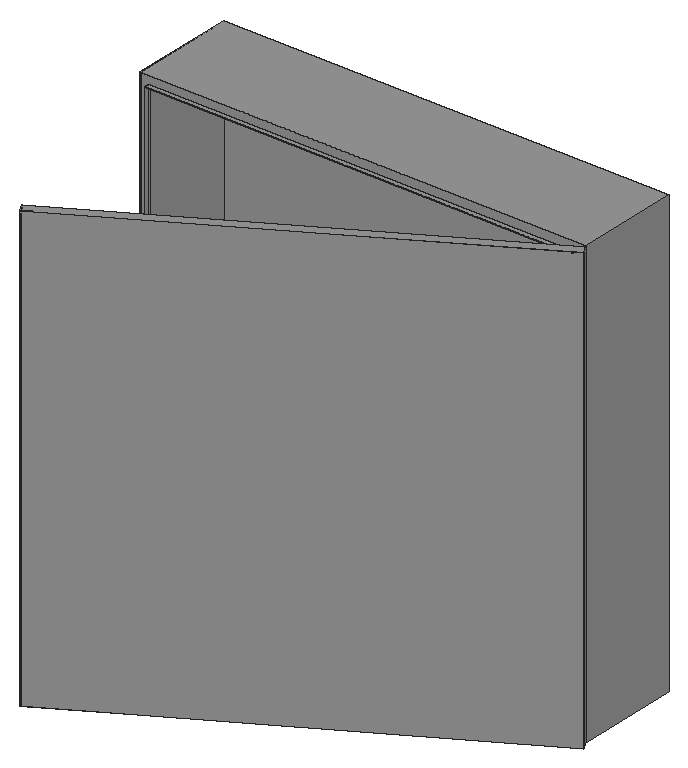
Revit family "Hager-Univers-IP54-D205-H800-Cl.II-Encl-NoHosted-CH-de", category Equipement électrique, Revit 2020
Family settings
  Configuration du panneau = Deux colonnes, circuits au sein
  Cote de connecteur circulaire = Utiliser le diamètre
  Type d'élément = Tableau de raccordement
  Basée sur le plan de construction = Oui
  Toujours verticalement = Oui
  Couper avec des vides une fois chargée = Non
  Partagée = Non
  Point de calcul de pièce = Non
Parameters (values of type "Aufputz IP54 B800 H800 T205  - FP53QSW")
  Width Control [instance] = if([EF000008 - Breite] > Min Width, [EF000008 - Breite], Min Width)  # 800 mm
  Commentaires du type = [HG000003 - Bereich]  # "Univers"
  Thickness Door [instance] = if([EF009171 - Materialstärke Tür/Deckel] > 3 mm, 3 mm, [EF009171 - Materialstärke Tür/Deckel])  # 1 mm
  Seal Frame Offset [instance] = 17 mm  # constant formula
  Plinth Visibility [instance] = [HG000027 - Sockelhöhe] > 0 mm  # no
  Min Width [instance] = 100 mm  # constant formula
  Min Depth [instance] = (2 * [EF009170 - Materialstärke Gehäuse]) + 1 mm  # 3 mm
  Min Height [instance] = 100 mm  # constant formula
  Internal Frame Depth [instance] = (Door System Depth * 0.5)  # 9 mm
  Panel Name [instance] = ""  # (empty or 0)
  Model = ""
  HG000027 - Sockelhöhe = 0 mm
  HG000026 - Stehend auf dem Boden = no
  HG000024 - Höhe des unteren Teils = 600 mm
  HG000023 - Gehäuse mit doppeltem Querschnitt = no
  HG000016 - 3D-Türsichtbarkeit [instance] = yes
  HG000015 - Sichtbarkeit der Türöffnung [instance] = no
  HG000014 - Tür rechts [instance] = yes
  HG000013 - Tür links [instance] = not([HG000014 - Tür rechts])  # no
  HG000012 - Türschwenkwinkel [instance] = 30.00°
  HG000010 - Asymmetrische Türen = no
  HG000009 - Doppelflügeligen Tür = no
  HG000006 - Unterputz = no
  HG000004 - Herstellerreferenz = "FP53QSW"
  HG000003 - Bereich = "Univers"
  HG000002 - Mit tür = yes
  Frame Offset Bottom [instance] = 10 mm  # constant formula
  Frame Offset [instance] = 15 mm  # constant formula
  EF015940 - Deckel mit Überdruckentlastung = no
  EF011959 - Schutzart (NEMA) = ""
  EF009554 - Anzahl der Öffnungen für Flanschplatten = 6
  EF009212 - Ausführung Deckel = "EV000116 - geschlossen"
  EF009171 - Materialstärke Tür/Deckel = 1 mm
  EF009170 - Materialstärke Gehäuse = 1 mm
  EF008873 - Nennstrom (In) = 250 A
  EF007800 - Geeignet für Blitzschutz = no
  EF006306 - Mit Schloss = no
  EF006244 - Transparenter Deckel/Tür = no
  EF005474 - Schutzart (IP) = "EV006419 - IP54"
  EF004464 - Art der Tür = "EV002646 - Einzel"
  EF004427 - Anzahl der Module = 180
  EF004293 - Schlagfestigkeit = "EV006815 - IK09"
  EF003532 - Geeignet für Außengebrauch = no
  EF002950 - Breite in Teilungseinheiten = 36
  EF001613 - Funktionserhalt = "EV000494 - ohne"
  EF001596 - Werkstoff des Gehäuses = "EV000179 - Stahl"
  EF001131 - Innentiefe = 143 mm
  EF001088 - Anbaumöglichkeit = yes
  EF000437 - Anzahl der Leitungseinführungen = 6
  EF000339 - Art der Abdeckung = "EV001012 - Deckel"
  EF000266 - Anzahl der Reihen = 5
  EF000218 - Einbautiefe = 0 mm
  EF000118 - Mit Montageplatte = no
  EF000116 - RAL-Nummer = "9010"
  EF000049 - Tiefe = 205 mm
  EF000040 - Höhe = 800 mm
  EF000008 - Breite = 800 mm
  EF000007 - Farbe = "EV000202 - weiß"
  EF000003 - Montageart = "EV000384 - Aufputz"
  Door System Leaf Tolerance [instance] = 1.5 mm  # constant formula
  Door System Depth [instance] = 18 mm  # constant formula
  Door Height [instance] = Height Control - [HG000027 - Sockelhöhe]  # 800 mm
  Description = ""
  Default Elevation = 1219.2 mm
  Connector Offset [instance] = Height Control / 2  # 400 mm
  Fabricant = "Hager"  # constant formula
  Height Control [instance] = if([EF000040 - Höhe] > Min Height, [EF000040 - Höhe], Min Height)  # 800 mm
  Depth Control [instance] = if([EF000049 - Tiefe] > Min Depth, [EF000049 - Tiefe], Min Depth)  # 205 mm
  Bottom Top Plate Trim [instance] = 1.5 mm  # constant formula
  Plinth height Ctrl [instance] = if([HG000027 - Sockelhöhe] > 0 mm, [HG000027 - Sockelhöhe], 12 mm)  # 12 mm
Types (4, lengths in mm): name | Width Control | HG000004 - Herstellerreferenz | EF009554 - Anzahl der Öffnungen für Flanschplatten | EF004464 - Art der Tür | EF004427 - Anzahl der Module | EF002950 - Breite in Teilungseinheiten | EF001131 - Innentiefe | EF000437 - Anzahl der Leitungseinführungen | EF000339 - Art der Abdeckung | EF000008 - Breite
  Aufputz IP54 B1050 H800 T205  - FP54QSW | 1050 | "FP54QSW" | 8 | "EV003602 - Doppel" | 240 | 48 | 130 | 8 | "EV004216 - Tür" | 1050
  Aufputz IP54 B300 H800 T205  - FP51QSW | 300 | "FP51QSW" | 2 | "EV002646 - Einzel" | 60 | 12 | 130 | 2 | "EV001012 - Deckel" | 300
  Aufputz IP54 B550 H800 T205  - FP52QSW | 550 | "FP52QSW" | 4 | "EV002646 - Einzel" | 120 | 24 | 143 | 4 | "EV001012 - Deckel" | 550
  Aufputz IP54 B800 H800 T205  - FP53QSW | 800 | "FP53QSW" | 6 | "EV002646 - Einzel" | 180 | 36 | 143 | 6 | "EV001012 - Deckel" | 800
Reference planes
  plane 1 "Center (Front/Back)": y = 0
  plane 2: z = 0
  plane 3 "Center (Left/Right)": x = 0
  plane 4: y = 0
  plane 5: y = 0
  plane 6: z = 0
  plane 7: x = -400
  plane 8: x = 400
  plane 9: x = 399
  plane 10: x = -399
  plane 11: z = 0
  plane 12: z = 1
  plane 13: y = -205
  plane 14: y = -1
  plane 15: x = 0
  plane 16: y = -187
  plane 17: y = -204
  plane 18: y = -186
  plane 19: x = -384
  plane 20: x = 384
  plane 21: z = 11
  plane 22: x = -383
  plane 23: x = 383
  plane 24: z = 0
  plane 25: z = 800
  plane 26: z = 800
  plane 27: z = 784
  plane 28: z = 799
Forms (mm)
  Extrusion 1, solid, material "Hager_Steel_RAL7035_Light_Grey", detail levels medium+fine
    sketch origin (-208.679, -4572, 0) x (-1, 0, 0) y (0, -1, 0)
      loop
        line (191.321, -4385) -> (-608.679, -4385) -> (-608.679, -4572) -> (191.321, -4572) -> (191.321, -4385)
    from 0 to 800
  Extrusion 2, void
    sketch origin (-350.771, -205, 1219.2) x (1, 0, 0) y (0, 0, 1)
      loop
        line (-48.229, -420.2) -> (-48.229, -1218.2) -> (749.771, -1218.2) -> (749.771, -420.2) -> (-48.229, -420.2)
    from -19 to -204
  Extrusion 3, void
    sketch origin (-290.084, -187, 1219.2) x (1, 0, 0) y (0, 0, 1)
      loop
        line (-93.916, -1208.2) -> (674.084, -1208.2) -> (674.084, -435.2) -> (-93.916, -435.2) -> (-93.916, -1208.2)
    from 0 to -1
  Extrusion 4, solid, material "Hager_Steel_RAL7035_Light_Grey", visible <- "Plinth Visibility", detail levels medium+fine
    sketch origin (0, 0, 0) x (1, 0, 0) y (0, 1, 0)
      loop
        line (-400, 0) -> (-400, -187) -> (400, -187) -> (400, 0) -> (-400, 0)
    from 0 to 12 <- "Plinth height Ctrl"
  Extrusion 5, solid, material "Hager_Steel_RAL7035_Light_Grey", detail levels coarse
    sketch origin (0, 0, 0) x (1, 0, 0) y (0, 1, 0)
      loop
        line (-400, 0) -> (-400, -205) -> (400, -205) -> (400, 0) -> (-400, 0)
    from 0 to 800 <- "Height Control"
  Sweep 6, void
    path in 3D
      loop
        line (-400, -187, 12) -> (400, -187, 12) -> (400, 0, 12) -> (-400, 0, 12) -> (-400, -187, 12)
    profile origin (-400, -93.5, 12) x (1, 0, 0) y (0, 0, 1)
      loop
        line (0, 0) -> (0, -1.5) -> (1.5, -1.5)
        arc (1.5, -1.5) -> (1.061, -0.439) -> (0, 0) r 1.5
  Extrusion 7, solid, material "Hager_Steel_RAL7035_Light_Grey", detail levels fine
    sketch origin (-400, -187, 0) x (1, 0, 0) y (0, 0, 1)
      loop
        line (16, 11) -> (784, 11) -> (784, 784) -> (16, 784) -> (16, 11)
      loop
        line (15, 10) -> (785, 10) -> (785, 785) -> (15, 785) -> (15, 10)
    from 0 to 9 <- "Internal Frame Depth"
Cuts and joins
  Extrusion 2, Extrusion 3 cuts Extrusion 1
  Sweep 6 cuts Extrusion 4
Lines and regions (mm)
  Masking region 1
    outline origin (0, 0, 0) x (1, 0, 0) y (0, 1, 0)
      loop
        line (-400, 0) -> (-400, -205) -> (400, -205) -> (400, 0) -> (-400, 0)
  Masking region 2, detail levels coarse
    outline origin (-290.084, -187, 1219.2) x (-1, 0, 0) y (0, 0, 1)
      loop
        line (-690.084, -1219.2) -> (109.916, -1219.2) -> (109.916, -419.2) -> (-690.084, -419.2) -> (-690.084, -1219.2)
  Masking region 3, detail levels coarse
    outline origin (0, 0, 0) x (0, 1, 0) y (0, 0, 1)
      loop
        line (0, 0) -> (0, 800) -> (-205, 800) -> (-205, 0) -> (0, 0)
  Masking region 4, visible <- "Plinth Visibility", detail levels medium+fine
    outline origin (0, 0, 0) x (0, 1, 0) y (0, 0, 1)
      loop
        line (-1.5, 12) -> (-185.5, 12)
        arc (-185.5, 12) -> (-185.939, 10.939) -> (-187, 10.5) r 1.5
        line (-187, 10.5) -> (-187, 0) -> (0, 0) -> (0, 10.5)
        arc (0, 10.5) -> (-1.061, 10.939) -> (-1.5, 12) r 1.5
  Masking region 5, detail levels medium+fine
    outline origin (0, 0, 594.038) x (0, 1, 0) y (0, 0, 1)
      loop
        line (0, -594.038) -> (0, 205.962) -> (-187, 205.962) -> (-187, -594.038) -> (0, -594.038)
  Masking region 6, detail levels medium+fine
    outline origin (-359.7, -187, 1211.883) x (-1, 0, 0) y (0, 0, 1)
      loop
        line (-759.7, -1211.883) -> (40.3, -1211.883) -> (40.3, -411.883) -> (-759.7, -411.883) -> (-759.7, -1211.883)
  Masking region 7, visible <- "Plinth Visibility", detail levels medium+fine
    outline origin (-320.334, -187, 1041.368) x (-1, 0, 0) y (0, 0, 1)
      loop
        line (-720.334, -1041.368) -> (79.666, -1041.368) -> (79.666, -1030.868)
        arc (79.666, -1030.868) -> (78.606, -1030.429) -> (78.166, -1029.368) r 1.5
        line (78.166, -1029.368) -> (-718.834, -1029.368)
        arc (-718.834, -1029.368) -> (-719.273, -1030.429) -> (-720.334, -1030.868) r 1.5
        line (-720.334, -1030.868) -> (-720.334, -1041.368)
  sketch lines
    curve 1: line (-400, 0, 12) -> (-400, -187, 12)
    curve 2: line (-400, -187, 12) -> (400, -187, 12)
    curve 3: line (400, 0, 12) -> (-400, 0, 12)
    curve 4: line (400, -187, 12) -> (400, 0, 12)
Dimensions and locks
  locked: plane 1 "Center (Front/Back)" to plane 5
  "EF009170 - Materialstärke Gehäuse": plane 7 to plane 10
  "EF009170 - Materialstärke Gehäuse": plane 8 to plane 9
  equal spacing: plane 7, plane 3 "Center (Left/Right)", plane 8
  "Width Control": plane 7 to plane 8
  "Depth Control": plane 4 to plane 13
  "EF009170 - Materialstärke Gehäuse": plane 4 to plane 14
  "Height Control": plane 25 to level
  "HG000027 - Sockelhöhe": plane 11 to level
  "EF009170 - Materialstärke Gehäuse": plane 12 to plane 11
  "EF009170 - Materialstärke Gehäuse": plane 17 to plane 13
  "EF009170 - Materialstärke Gehäuse": plane 18 to plane 16
  "Frame Offset Bottom": plane 21 to plane 12
  "Frame Offset": plane 10 to plane 19
  "Frame Offset": plane 9 to plane 20
  "Door System Depth": plane 16 to plane 13
  "Seal Frame Offset": plane 7 to plane 22
  "Seal Frame Offset": plane 8 to plane 23
  "EF009170 - Materialstärke Gehäuse": plane 26 to plane 28
  "Frame Offset": plane 28 to plane 27
  "Connector Offset": plane 2 to connector elem
  "Bottom Top Plate Trim": profile plane to Sweep 6 sketch curve
  "Bottom Top Plate Trim": Sweep 6 sketch curve to Sweep 6 sketch curve
  "Plinth height Ctrl": Masking region 4 sketch curve to level
  "Plinth height Ctrl": Masking region 7 sketch curve to level
  "Thickness Door": Extrusion 7 sketch curve to Extrusion 7 sketch curve  (x4)
  "Bottom Top Plate Trim": radius of Sweep 6 sketch curve
  "Bottom Top Plate Trim": radius of Masking region 4 sketch curve  (x2)
  "Bottom Top Plate Trim": radius of Masking region 7 sketch curve  (x2)
  aligned and locked: Extrusion 2 sketch curve to plane 12
  aligned and locked: Extrusion 2 sketch curve to plane 9
  aligned and locked: Extrusion 2 sketch curve to plane 10
  aligned and locked: Extrusion 2 to plane 14
  aligned and locked: Extrusion 1 sketch curve to plane 4
  aligned and locked: plane 8 to Extrusion 1 sketch curve
  aligned and locked: plane 7 to Extrusion 1 sketch curve
  aligned and locked: Extrusion 2 to plane 18
  aligned and locked: Extrusion 3 sketch curve to plane 19
  aligned and locked: plane 20 to Extrusion 3 sketch curve
  aligned and locked: Extrusion 3 to Extrusion 2
  aligned and locked: Extrusion 3 sketch curve to plane 21
  aligned and locked: plane 3 "Center (Left/Right)" to nested 1
  aligned and locked: Extrusion 1 sketch curve to plane 16
  aligned and locked: Extrusion 4 sketch curve to cut or joined group of Extrusion 1, Extrusion 2, Extrusion 3
  aligned and locked: Masking region 1 sketch curve to plane 7
  aligned and locked: Masking region 1 sketch curve to plane 5
  aligned and locked: Masking region 1 sketch curve to plane 8
  aligned and locked: Masking region 2 sketch curve to level
  aligned and locked: level to Masking region 3 sketch curve
  aligned and locked: plane 1 "Center (Front/Back)" to Masking region 3 sketch curve
  aligned and locked: plane 13 to Masking region 3 sketch curve
  aligned and locked: plane 5 to Masking region 4 sketch curve
  aligned and locked: Masking region 2 sketch curve to plane 8
  aligned and locked: Masking region 2 sketch curve to plane 7
  aligned and locked: plane 7 to nested 2
  aligned and locked: nested 2 to plane 5
  aligned and locked: plane 5 to Masking region 5 sketch curve
  aligned and locked: plane 26 to Masking region 5 sketch curve
  aligned and locked: Extrusion 5 sketch curve to plane 8
  aligned and locked: Extrusion 5 sketch curve to plane 7
  aligned and locked: Extrusion 5 sketch curve to plane 5
  aligned and locked: Extrusion 3 sketch curve to plane 27
  aligned and locked: Extrusion 2 sketch curve to plane 28
  aligned and locked: Masking region 2 to plane 25
  aligned and locked: Extrusion 4 to plane 16
  aligned and locked: profile plane to Sweep 6 sketch curve
  aligned and locked: Masking region 5 sketch curve to plane 24
  aligned and locked: level to Masking region 4 sketch curve
  aligned and locked: Masking region 1 to plane 13
  aligned and locked: nested 1 to plane 16
  aligned and locked: Masking region 3 to plane 25
  aligned and locked: plane 16 to Masking region 4 sketch curve
  aligned and locked: Masking region 5 sketch curve to plane 16
  aligned and locked: plane 24 to plane 11
  aligned and locked: plane 26 to plane 25
  aligned and locked: plane 26 to cut or joined group of Extrusion 1, Extrusion 2, Extrusion 3
  aligned and locked: nested 1 to plane 24
  aligned and locked: Extrusion 1 to Extrusion 3
  aligned and locked: Masking region 6 sketch curve to plane 8
  aligned and locked: Masking region 6 sketch curve to plane 24
  aligned and locked: Masking region 6 sketch curve to plane 7
  aligned and locked: Masking region 6 sketch curve to plane 26
  aligned and locked: Masking region 7 sketch curve to plane 7
  aligned and locked: level to Masking region 7 sketch curve
  aligned and locked: Masking region 7 sketch curve to plane 8
  aligned and locked: Extrusion 7 sketch curve to cut or joined group of Extrusion 1, Extrusion 2, Extrusion 3  (x4)
Automatic sketch dimensions
  plane 19 to Extrusion 3 sketch curve = 0 mm
  Extrusion 3 sketch curve to plane 20 = 0 mm
  Extrusion 3 sketch curve to plane 21 = 0 mm
  Extrusion 4 sketch curve to plane 7 = 0 mm
  Extrusion 4 sketch curve to plane 8 = 0 mm
  Extrusion 4 sketch curve to plane 16 = 0 mm
  Masking region 1 sketch curve to plane 13 = 0 mm
  Masking region 2 sketch curve to plane 25 = 0 mm
  Masking region 3 sketch curve to plane 25 = 0 mm
  Extrusion 5 sketch curve to plane 13 = 0 mm
  profile plane to Sweep 6 sketch curve = 0 mm
Nested families
  nested 1: "EC000058_Univers_Door" at (0, -187, 0), Double <- "HG000009 - Doppelflügeligen Tür", Transparent <- "EF006244 - Transparenter Deckel/Tür", Angle <- "HG000012 - Türschwenkwinkel", Door_Right <- "HG000014 - Tür rechts", Assymetrical <- "HG000010 - Asymmetrische Türen", Door <- "HG000002 - Mit tür", Width_Ctrl <- "Width Control", 3d_Door <- "HG000016 - 3D-Türsichtbarkeit", Clearance <- "HG000015 - Sichtbarkeit der Türöffnung", Door_Left <- "HG000013 - Tür links", Width <- "Width Control", Door_Depth <- "Door System Depth", Leaf_Tolerance <- "Door System Leaf Tolerance", Height <- "Door Height", Lock_Visibility <- "EF006306 - Mit Schloss", Thickness <- "Thickness Door", type "EC000058_Univers_Door", detail levels medium+fine
    with min_wh 3 mm, Width_Ctrl 800 mm, Width 800 mm, Transparent no, Thickness 1 mm, Seal_Material Hager_Rubber, Lock_Visibility no, Lock_Material Hager_Plastic_RAL9005_Jet_Black, Leaf_Width 800 mm, Leaf_Tolerance_External_Sides 0 mm, Leaf_Tolerance 1.5 mm, Leaf_Offset 0 mm, Leaf_Height 797 mm, Leaf_2_Width 800 mm, Leaf_2_Offset 400 mm, Leaf_1_Width 800 mm, Leaf_1_Offset 400 mm, Height_Ctrl 800 mm, Height 800 mm, Glass_Material Hager_Glass, Double_Clearance_Ctrl no, Double no, Door_Right_Ctrl yes, Door_Right yes, Door_Material Hager_Steel_RAL7035_Light_Grey, Door_Left_Ctrl no, Door_Left no, Door_Depth 18 mm, Door yes, Clearance_Material Hager_Clearance, Clearance_Depth 800 mm, Clearance_Ctrl no, Clearance no, Assymetrical no, Angle 30.00°, 3d_Door yes
  nested 2: "Hager_Enclosure_Symbol" at (-400, 0, 0), Height <- "Depth Control", Width <- "Width Control", type "Hager_Enclosure_Symbol"
    with Width_Ctrl 800 mm, Width 800 mm, Height_Ctrl 205 mm, Height 205 mm, A_Width_Int 13.453 mm, A_Width 161.438 mm, A_Height_Ctrl 179.375 mm, A_Height 179.375 mm
Connectors
  electrical at (0, 0, 400)
    settings: on plane 1 "Center (Front/Back)", index 1, voltage 0 V, apparent load 0 VA, apparent load phase1 0 VA, apparent load phase2 0 VA, apparent load phase3 0 VA, power factor 1, load classification "Other", number of poles 1, system type 30, power factor state 1, is connector primary yes, connector utility no, sub classification motor no, connector description ""
Definition of nested family "EC000058_Univers_Door"
  Parameters (values of type "EC000058_Univers_Door")
    min_wh [instance] = (2 * Thickness) + 1 mm  # 11 mm
    Width_Ctrl [instance] = 400 mm
    Width [instance] = 500 mm
    Transparent [instance] = yes
    Thickness [instance] = 5 mm
    Seal_Material [instance] = none
    Lock_Visibility [instance] = yes
    Lock_Material [instance] = none
    Leaf_Width [instance] = if((Width_Ctrl - 2 * Leaf_Tolerance_External_Sides) > 0 mm, (Width_Ctrl - 2 * Leaf_Tolerance_External_Sides), min_wh)  # 400 mm
    Leaf_Tolerance_External_Sides [instance] = 0 mm  # constant formula
    Leaf_Tolerance [instance] = 1.5 mm
    Leaf_Offset [instance] = 0 mm  # constant formula
    Leaf_Height [instance] = if((Height_Ctrl - 2 * Leaf_Tolerance) > 0 mm, (Height_Ctrl - 2 * Leaf_Tolerance), min_wh)  # 497 mm
    Leaf_2_Width [instance] = if(and(and(Double, Assymetrical), Door_Left), (Leaf_Width / 3) - (Leaf_Tolerance / 2), if(and(and(Double, Assymetrical), Door_Right), (Leaf_Width / 3) * 2 - (Leaf_Tolerance / 2), if(and(Double, not(Assymetrical)), (Leaf_Width / 2) - Leaf_Tolerance, Leaf_Width)))  # 400 mm
    Leaf_2_Offset [instance] = if(and(Double, Assymetrical), Leaf_2_Width / 2, if(and(Double, not(Assymetrical)), Leaf_Width / 4, Leaf_Width / 2))  # 200 mm
    Leaf_1_Width [instance] = if(and(and(Double, Assymetrical), Door_Right), (Leaf_Width / 3) - (Leaf_Tolerance / 2), if(and(and(Double, Assymetrical), Door_Left), (Width / 3) * 2 - (Leaf_Tolerance / 2), if(and(Double, not(Assymetrical)), (Leaf_Width / 2) - Leaf_Tolerance, Leaf_Width)))  # 400 mm
    Leaf_1_Offset [instance] = if(and(Double, Assymetrical), Leaf_1_Width / 2, if(and(Double, not(Assymetrical)), Leaf_Width / 4, Leaf_Width / 2))  # 200 mm
    Height_Ctrl [instance] = if(Height > min_wh, Height, min_wh)  # 500 mm
    Height [instance] = 500 mm
    Glass_Material [instance] = none
    Double_Clearance_Ctrl [instance] = and(Double, Clearance)  # no
    Double [instance] = no
    Door_Right_Ctrl [instance] = and(or(Door_Right, Double), Door)  # yes
    Door_Right [instance] = yes
    Door_Material [instance] = none
    Door_Left_Ctrl [instance] = and(or(Door_Left, Double), Door)  # no
    Door_Left [instance] = no
    Door_Depth [instance] = 30 mm
    Door [instance] = yes
    Default Elevation = 1219.2 mm
    Clearance_Material [instance] = none
    Clearance_Depth [instance] = if(Leaf_1_Width > Leaf_2_Width, Leaf_1_Width, Leaf_2_Width)  # 400 mm
    Clearance_Ctrl [instance] = and(not(Double), Clearance)  # yes
    Clearance [instance] = yes
    Assymetrical [instance] = yes
    Angle [instance] = 30.00°
    3d_Door [instance] = yes
  Reference planes
    plane 1 "Center (Front/Back)": y = 0
    plane 2 "Bottom": z = 0
    plane 3 "Center (Left/Right)": x = 0
    plane 4: z = 500
    plane 5: x = -200
    plane 6: x = 200
    plane 7: z = 500
    plane 8: x = -200
    plane 9: z = 0
    plane 10: x = 200
    plane 11: y = 0
    plane 12: z = 1.5
    plane 13: x = -600
    plane 14: y = -400
    plane 15: x = 600
    plane 16: x = 0
    plane 17: x = 0
    plane 18: x = -200
    plane 19: x = 200
    plane 20: z = 498.5
  Forms (mm)
    Extrusion 1, solid, material <- "Clearance_Material", visible <- "Double_Clearance_Ctrl"
      sketch origin (1200, 0, 0) x (1, 0, 0) y (0, 0, -1)
        loop
          line (-1800, -498.5) -> (-600, -498.5) -> (-600, 0) -> (-1800, 0) -> (-1800, -498.5)
      from 0 to -400
  Dimensions and locks
    equal spacing: plane 5, plane 3 "Center (Left/Right)", plane 6
    "Width_Ctrl": plane 5 to plane 6
    "Leaf_Offset": plane 5 to plane 8
    "Leaf_Offset": plane 6 to plane 10
    "Leaf_Offset": plane 9 to level
    "Leaf_Offset": plane 4 to plane 7
    "Height_Ctrl": plane 4 to level
    "Leaf_Tolerance": plane 12 to plane 9
    locked: plane 11 to plane 1 "Center (Front/Back)"
    "Leaf_1_Offset": plane 18 to plane 16
    "Leaf_2_Offset": plane 17 to plane 19
    "Leaf_1_Width": plane 13 to plane 8
    "Leaf_2_Width": plane 10 to plane 15
    "Clearance_Depth": plane 14 to plane 1 "Center (Front/Back)"
    "Leaf_Tolerance_External_Sides": plane 8 to plane 18
    "Leaf_Tolerance_External_Sides": plane 19 to plane 10
    "Leaf_Tolerance": plane 7 to plane 20
    aligned and locked: level to plane 2 "Bottom"
    aligned and locked: nested 1 to plane 16
    aligned and locked: nested 2 to plane 17
    aligned and locked: Extrusion 1 to plane 13
    aligned and locked: plane 15 to Extrusion 1
    aligned and locked: Extrusion 1 to plane 14
    aligned and locked: plane 12 to nested 1
    aligned and locked: nested 2 to plane 12
    aligned and locked: Extrusion 1 to plane 11
    aligned and locked: plane 20 to Extrusion 1
    aligned and locked: nested 2 to plane 11
    aligned and locked: nested 1 to plane 11
  Automatic sketch dimensions
    Extrusion 1 sketch curve to level = 0 mm
    plane 5 to Extrusion 1 sketch curve = 400 mm
    plane 6 to Extrusion 1 sketch curve = 400 mm
    Extrusion 1 sketch curve to plane 4 = 1.5 mm
  Nested families
    nested 1: "EC000058_Univers_Door_Leaf" at (0, 0, 1.5), Width <- "Leaf_1_Width", visible <- "Door_Left_Ctrl", Leaf_Height <- "Leaf_Height", Angle <- "Angle", 3d_Door <- "3d_Door", Transparent <- "Transparent", Clearance Material <- "Clearance_Material", Clearance <- "Clearance_Ctrl", Door_Material <- "Door_Material", Glass_Material <- "Glass_Material", Door_Depth <- "Door_Depth", Lock_Material <- "Lock_Material", Seal_Material <- "Seal_Material", Lock_Visibility <- "Lock_Visibility", Thickness <- "Thickness", type "EC000058_Univers_Door_Leaf"
      with Width 400 mm, Transparent_Glass_Offset 30 mm, Transparent_Ctrl yes, Transparent yes, Thickness 5 mm, Standard no, Seal_Material none, Seal_D2 8 mm, Seal_D1 1 mm, Offset_Internal_Frame 10 mm, Lock_Width 20 mm, Lock_Visibility_3d yes, Lock_Visibility yes, Lock_Thickness_3 3 mm, Lock_Thickness_2 1 mm, Lock_Thickness_1 3 mm, Lock_Radius_Offset_2 16 mm, Lock_Radius_Offset_1 15 mm, Lock_Radius_2 5 mm, Lock_Radius 6 mm, Lock_Offset 5 mm, Lock_Material none, Lock_Height 80 mm, Lock_Cover_Top_Offset_2d 17 mm, Lock_Cover_Height -65 mm, Leaf_Height 497 mm, Internal_Seal_Thickness 8 mm, Internal_Seal_Depth_2 4.5 mm, Internal_Frame_Depth 25 mm, Glass_Thickness -1 mm, Glass_Offset -2 mm, Glass_Material none, Door_Material none, Door_Depth 30 mm, Clearance Material none, Clearance yes, Angle_Ctrl 30.00°, Angle 30.00°, 3d_Door yes
    nested 2: "EC000058_Univers_Door_Leaf" at (0, 0, 1.5) x (-1, 0, 0) z (0, 0, 1), Width <- "Leaf_2_Width", visible <- "Door_Right_Ctrl", Leaf_Height <- "Leaf_Height", Angle <- "Angle", 3d_Door <- "3d_Door", Transparent <- "Transparent", Clearance Material <- "Clearance_Material", Clearance <- "Clearance_Ctrl", Door_Material <- "Door_Material", Glass_Material <- "Glass_Material", Door_Depth <- "Door_Depth", Lock_Material <- "Lock_Material", Seal_Material <- "Seal_Material", Lock_Visibility <- "Lock_Visibility", Thickness <- "Thickness", type "EC000058_Univers_Door_Leaf"
      with Width 400 mm, Transparent_Glass_Offset 30 mm, Transparent_Ctrl yes, Transparent yes, Thickness 5 mm, Standard no, Seal_Material none, Seal_D2 8 mm, Seal_D1 1 mm, Offset_Internal_Frame 10 mm, Lock_Width 20 mm, Lock_Visibility_3d yes, Lock_Visibility yes, Lock_Thickness_3 3 mm, Lock_Thickness_2 1 mm, Lock_Thickness_1 3 mm, Lock_Radius_Offset_2 16 mm, Lock_Radius_Offset_1 15 mm, Lock_Radius_2 5 mm, Lock_Radius 6 mm, Lock_Offset 5 mm, Lock_Material none, Lock_Height 80 mm, Lock_Cover_Top_Offset_2d 17 mm, Lock_Cover_Height -65 mm, Leaf_Height 497 mm, Internal_Seal_Thickness 8 mm, Internal_Seal_Depth_2 4.5 mm, Internal_Frame_Depth 25 mm, Glass_Thickness -1 mm, Glass_Offset -2 mm, Glass_Material none, Door_Material none, Door_Depth 30 mm, Clearance Material none, Clearance yes, Angle_Ctrl 30.00°, Angle 30.00°, 3d_Door yes
  Definition of nested family "EC000058_Univers_Door_Leaf"
    Parameters (values of type "EC000058_Univers_Door_Leaf")
      Width [instance] = 2000 mm
      Transparent_Glass_Offset [instance] = 30 mm
      Transparent_Ctrl [instance] = and(Transparent, [3d_Door])  # yes
      Transparent [instance] = yes
      Thickness [instance] = 5 mm
      Standard [instance] = and(not(Transparent), [3d_Door])  # no
      Seal_Material [instance] = none
      Seal_D2 [instance] = 8 mm  # constant formula
      Seal_D1 [instance] = 1 mm  # constant formula
      Offset_Internal_Frame [instance] = 10 mm  # constant formula
      Lock_Width [instance] = 20 mm  # constant formula
      Lock_Visibility_3d [instance] = and(Lock_Visibility, [3d_Door])  # yes
      Lock_Visibility [instance] = yes
      Lock_Thickness_3 [instance] = 3 mm  # constant formula
      Lock_Thickness_2 [instance] = 1 mm  # constant formula
      Lock_Thickness_1 [instance] = 3 mm  # constant formula
      Lock_Radius_Offset_2 [instance] = Lock_Radius_Offset_1 + 1 mm  # 16 mm
      Lock_Radius_Offset_1 [instance] = 15 mm  # constant formula
      Lock_Radius_2 [instance] = Lock_Radius - 1 mm  # 5 mm
      Lock_Radius [instance] = 6 mm  # constant formula
      Lock_Offset [instance] = 5 mm  # constant formula
      Lock_Material [instance] = none
      Lock_Height [instance] = 80 mm  # constant formula
      Lock_Cover_Top_Offset_2d [instance] = Lock_Radius_Offset_2 + 1 mm  # 17 mm
      Lock_Cover_Height [instance] = -(Lock_Height - Lock_Radius_Offset_1)  # -65 mm
      Leaf_Height [instance] = 2720.336 mm
      Internal_Seal_Thickness [instance] = 8 mm  # constant formula
      Internal_Seal_Depth_2 [instance] = 4.5 mm  # constant formula
      Internal_Frame_Depth [instance] = if(Door_Depth - Thickness > 5 mm, Door_Depth - Thickness, 5 mm)  # 25 mm
      Glass_Thickness [instance] = if(Thickness > 15 mm, Glass_Offset + 10 mm, -1 mm)  # -1 mm
      Glass_Offset [instance] = if(Thickness > 15 mm, -(Thickness + 10 mm) / 2, -2 mm)  # -2 mm
      Glass_Material [instance] = none
      Door_Material [instance] = none
      Door_Depth [instance] = 30 mm
      Default Elevation = 0 mm
      Clearance Material [instance] = none
      Clearance [instance] = yes
      Angle_Ctrl [instance] = if(Angle > 180.00°, 180.00°, Angle)  # 90.00°
      Angle [instance] = 90.00°
      3d_Door [instance] = yes
    Reference planes
      plane 1 "Center (Front/Back)": y = 0
      plane 2: z = 0
      plane 3 "Center (Left/Right)": x = 0
      plane 4: y = 2000
      plane 5: x = -1000
      plane 6: x = 1000
      plane 7: x = -3000
      plane 8: z = 2720.336
      plane 9: z = 30
      plane 10: z = 2690.336
      plane 11: x = 970
      plane 12: x = -970
      plane 13: y = -3
      plane 14: z = 107.833
      plane 15: y = -5
      plane 16: y = -223.314
      plane 17: x = -1000
      plane 18: z = 1360.168
      plane 19: y = 30
    Forms (mm)
      Extrusion 1, solid, material <- "Clearance Material", visible <- "Clearance"
        sketch origin (0, 0, 0) x (1, 0, 0) y (0, 0, 1)
          loop
            line (-3000, 2720.336) -> (-3000, 0) -> (1000, 0) -> (1000, 2720.336) -> (-3000, 2720.336)
        from 0 to -2000
      Extrusion 2, solid, material <- "Door_Material", visible <- "Standard", detail levels medium+fine
        sketch origin (-1000, 0, 0) x (0, 1, 0) y (-1, 0, 0)
          loop
            line (0, 30) -> (0, 25) -> (2000, 25) -> (2000, 30) -> (0, 30)
        from 0 to 2720.336 <- "Leaf_Height"
      Extrusion 3, solid, material <- "Door_Material", visible <- "Transparent_Ctrl", detail levels medium+fine
        sketch origin (-1000, 0, 0) x (0, 1, 0) y (-1, 0, 0)
          loop
            line (0, 25) -> (2000, 25) -> (2000, 30) -> (0, 30) -> (0, 25)
        from 0 to 2720.336 <- "Leaf_Height"
      Extrusion 4, void
        sketch origin (-1025, 2000, 0) x (0, 1, 0) y (0, 0, -1)
          loop
            line (-30, -2690.336) -> (-30, -30) -> (-1970, -30) -> (-1970, -2690.336) -> (-30, -2690.336)
        from 0 to 5 <- "Thickness"
      Sweep 5, solid, material <- "Seal_Material", visible <- "Transparent_Ctrl", detail levels fine
        path in 3D
          loop
            line (-1025, 30, 30) -> (-1025, 30, 2690.336) -> (-1025, 1970, 2690.336) -> (-1025, 1970, 30) -> (-1025, 30, 30)
        profile origin (-1025, 1000, 30) x (1, 0, 0) y (0, 0, 1)
          loop
            line (0, 0) -> (0, -8) -> (1, -8) -> (1, 0) -> (0, 0)
      Extrusion 6, solid, material <- "Glass_Material", visible <- "Transparent_Ctrl", detail levels medium+fine
        sketch origin (-1030, 0, 0) x (0, 1, 0) y (0, 0, -1)
          loop
            line (1970, -2690.336) -> (1970, -30) -> (30, -30) -> (30, -2690.336) -> (1970, -2690.336)
        from -2 <- "Glass_Offset" to -1 <- "Glass_Thickness"
      Extrusion 7, solid, material <- "Door_Material", visible <- "3d_Door", detail levels medium+fine
        sketch origin (-1025, 2000, 0) x (0, -1, 0) y (0, 0, -1)
          loop
            line (0, -2720.336) -> (2000, -2720.336) -> (2000, 0) -> (0, 0) -> (0, -2720.336)
          loop
            line (1995, -5) -> (5, -5) -> (5, -2715.336) -> (1995, -2715.336) -> (1995, -5)
        from 0 to 25 <- "Internal_Frame_Depth"
      Sweep 8, solid, material <- "Seal_Material", visible <- "Transparent_Ctrl", detail levels fine
        path in 3D
          loop
            line (-1025, 0, 0) -> (-1025, 2000, 0) -> (-1025, 2000, 2720.336) -> (-1025, 0, 2720.336) -> (-1025, 0, 0)
        profile origin (-1025, 0, 1360.168) x (1, 0, 0) y (0, 1, 0)
          loop
            line (0, 10) -> (2.975, 10)
            arc (2.975, 10) -> (4.053, 10.447) -> (4.5, 11.525) r 1.525
            line (4.5, 11.525) -> (4.5, 16.527)
            arc (4.5, 16.527) -> (4.069, 17.569) -> (3.027, 18) r 1.473
            line (3.027, 18) -> (0, 18) -> (0, 10)
      Extrusion 9, solid, material <- "Lock_Material", visible <- "Lock_Visibility_3d", detail levels fine
        sketch origin (-1030, 0, 0) x (0, 1, 0) y (0, 0, -1)
          loop
            arc (1993.5, -1400.168) -> (1994.561, -1399.729) -> (1995, -1398.668) r 1.5
            line (1995, -1398.668) -> (1995, -1320.168) -> (1975, -1320.168) -> (1975, -1398.668)
            arc (1975, -1398.668) -> (1975.439, -1399.729) -> (1976.5, -1400.168) r 1.5
            line (1976.5, -1400.168) -> (1993.5, -1400.168)
        from 3 <- "Lock_Thickness_1" to 0
      Blend 10, solid, material <- "Lock_Material", visible <- "Lock_Visibility_3d", detail levels fine
        base sketch origin (-1033, 0, 0) x (0, 1, 0) y (0, 0, -1)
          loop
            line (1975, -1320.168) -> (1975, -1398.668)
            arc (1975, -1398.668) -> (1975.439, -1399.729) -> (1976.5, -1400.168) r 1.5
            line (1976.5, -1400.168) -> (1993.5, -1400.168)
            arc (1993.5, -1400.168) -> (1994.561, -1399.729) -> (1995, -1398.668) r 1.5
            line (1995, -1398.668) -> (1995, -1320.168) -> (1975, -1320.168)
        top sketch origin (-1033, 0, 0) x (0, 1, 0) y (0, 0, -1)
          loop
            line (1976, -1320.168) -> (1976, -1398.668)
            arc (1976, -1398.668) -> (1976.146, -1399.022) -> (1976.5, -1399.168) r 0.5
            line (1976.5, -1399.168) -> (1993.5, -1399.168)
            arc (1993.5, -1399.168) -> (1993.854, -1399.022) -> (1994, -1398.668) r 0.5
            line (1994, -1398.668) -> (1994, -1320.168) -> (1976, -1320.168)
        from 0 to 1 <- "Lock_Thickness_2"
      Blend 11, solid, material <- "Lock_Material", visible <- "Lock_Visibility_3d", detail levels fine
        base sketch origin (-1034, 0, 0) x (0, 1, 0) y (0, 0, -1)
          loop
            line (1978, -1320.168) -> (1978, -1384.168)
            arc (1978, -1384.168) -> (1985, -1391.168) -> (1992, -1384.168) r 7
            line (1992, -1384.168) -> (1992, -1320.168) -> (1978, -1320.168)
        top sketch origin (-1034, 0, 0) x (0, 1, 0) y (0, 0, -1)
          loop
            line (1991, -1320.168) -> (1979, -1320.168) -> (1979, -1383.168)
            arc (1979, -1383.168) -> (1985, -1389.168) -> (1991, -1383.168) r 6
            line (1991, -1383.168) -> (1991, -1320.168)
        from 0 to 3 <- "Lock_Thickness_3"
      Extrusion 12, solid, material <- "Lock_Material", visible <- "Lock_Visibility_3d", detail levels fine
        sketch origin (-1030, 1975, 1320.168) x (1, 0, 0) y (0, -1, 0)
          loop
            line (-7, -19) -> (-7, -1) -> (0, -1) -> (0, 0) -> (-8, 0) -> (-8, -20) -> (0, -20) -> (0, -19) -> (-7, -19)
        from 0 to -65 <- "Lock_Cover_Height"
      Extrusion 13, void
        sketch origin (-1038, 1995, 1320.168) x (-1, 0, 0) y (0, 0, -1)
          loop
            line (-5, -65) -> (0, -65) -> (-5, -60) -> (-5, -65)
        from 0 to 20 <- "Lock_Width"
      Extrusion 14, void
        sketch origin (-1038, 1975, 1320.168) x (0, -1, 0) y (0, 0, -1)
          loop
            circle (-10, -15.995) r 6
          loop
            circle (-10, -15.995) r 5
        from 0 to 2
      Extrusion 15, solid, material <- "Lock_Material", visible <- "Lock_Visibility_3d", detail levels medium
        sketch origin (-1030, 0, 0) x (0, 1, 0) y (0, 0, -1)
          loop
            arc (1993.5, -1400.168) -> (1994.561, -1399.729) -> (1995, -1398.668) r 1.5
            line (1995, -1398.668) -> (1995, -1320.168) -> (1975, -1320.168) -> (1975, -1398.668)
            arc (1975, -1398.668) -> (1975.439, -1399.729) -> (1976.5, -1400.168) r 1.5
            line (1976.5, -1400.168) -> (1993.5, -1400.168)
        from 8 to 0
    Cuts and joins
      Extrusion 4 cuts Extrusion 3
      Extrusion 13, Extrusion 14 cuts Extrusion 9
      Extrusion 14 cuts Blend 11
      Extrusion 13, Extrusion 14 cuts Extrusion 12
      joined: Extrusion 9, Blend 10, Blend 11, Extrusion 12
      Extrusion 14 cuts Extrusion 15
    Lines and regions (mm)
      Masking region 1, visible <- "Lock_Visibility", detail levels fine
        outline origin (0, 0, 0) x (0, 1, 0) y (0, 0, 1)
          loop
            line (30, 1320.168) -> (33, 1320.168) -> (33, 1400.168) -> (30, 1400.168) -> (30, 1320.168)
      Masking region 2, visible <- "Lock_Visibility", detail levels fine
        outline origin (0, 3.143, 0) x (0, 1, 0) y (0, 0, 1)
          loop
            line (29.857, 1354.168) -> (30.857, 1354.168) -> (30.857, 1366.168) -> (29.857, 1366.168) -> (29.857, 1354.168)
      Masking region 3, detail levels medium+fine
        outline origin (0, 0, 0) x (0, 1, 0) y (0, 0, 1)
          loop
            line (0, 0) -> (30, 0) -> (30, 2720.336) -> (0, 2720.336) -> (0, 0)
      Masking region 4, detail levels medium+fine
        outline origin (0, 0, 0) x (1, 0, 0) y (0, 0, 1)
          loop
            line (-1000, 2720.336) -> (-1000, 0) -> (1000, 0) -> (1000, 2720.336) -> (-1000, 2720.336)
      Masking region 5, visible <- "Lock_Visibility", detail levels fine
        outline origin (-47.116, 0, 0) x (1, 0, 0) y (0, 0, 1)
          loop
            arc (1024.616, 1399.168) -> (1023.556, 1398.729) -> (1023.116, 1397.668) r 1.5
            line (1023.116, 1397.668) -> (1023.116, 1320.168) -> (1041.116, 1320.168) -> (1041.116, 1397.668)
            arc (1041.116, 1397.668) -> (1040.677, 1398.729) -> (1039.616, 1399.168) r 1.5
            line (1039.616, 1399.168) -> (1024.616, 1399.168)
      Masking region 6, visible <- "Lock_Visibility", detail levels medium+fine
        outline origin (-25, 0, 0) x (1, 0, 0) y (0, 0, 1)
          loop
            arc (1001.5, 1400.168) -> (1000.439, 1399.729) -> (1000, 1398.668) r 1.5
            line (1000, 1398.668) -> (1000, 1320.168) -> (1020, 1320.168) -> (1020, 1398.668)
            arc (1020, 1398.668) -> (1019.561, 1399.729) -> (1018.5, 1400.168) r 1.5
            line (1018.5, 1400.168) -> (1001.5, 1400.168)
      Masking region 7, visible <- "Lock_Visibility", detail levels fine
        outline origin (-73.735, 0, 0) x (1, 0, 0) y (0, 0, 1)
          loop
            line (1051.735, 1382.168) -> (1065.735, 1382.168) -> (1065.735, 1384.168)
            arc (1065.735, 1384.168) -> (1058.735, 1391.168) -> (1051.735, 1384.168) r 7
            line (1051.735, 1384.168) -> (1051.735, 1382.168)
      Masking region 8, visible <- "Lock_Visibility", detail levels fine
        outline origin (-73.735, 0, 0) x (1, 0, 0) y (0, 0, 1)
          loop
            line (1052.735, 1382.168) -> (1064.735, 1382.168) -> (1064.735, 1383.168)
            arc (1064.735, 1383.168) -> (1058.735, 1389.168) -> (1052.735, 1383.168) r 6
            line (1052.735, 1383.168) -> (1052.735, 1382.168)
      Masking region 9, visible <- "Lock_Visibility", detail levels fine
        outline origin (-25, 0, 0) x (1, 0, 0) y (0, 0, 1)
          loop
            line (1020, 1320.168) -> (1020, 1382.168) -> (1000, 1382.168) -> (1000, 1320.168) -> (1020, 1320.168)
      Masking region 10, detail levels medium+fine
        outline origin (0, 0, 0) x (1, 0, 0) y (0, 0, 1)
          loop
            circle (985, 1335.144) r 6
      Masking region 11, detail levels fine
        outline origin (0, 0, 0) x (1, 0, 0) y (0, 0, 1)
          loop
            circle (985, 1335.144) r 5
      Masking region 12, visible <- "Lock_Visibility", detail levels fine
        outline origin (0, 12.767, 0) x (0, 1, 0) y (0, 0, 1)
          loop
            line (20.233, 1320.168) -> (21.233, 1320.168) -> (21.233, 1399.168) -> (20.233, 1400.168) -> (20.233, 1320.168)
      Masking region 13, visible <- "Lock_Visibility", detail levels fine
        outline origin (0, 13.767, -10) x (0, 1, 0) y (0, 0, 1)
          loop
            line (20.233, 1330.168) -> (23.233, 1330.168) -> (23.233, 1399.168) -> (20.233, 1402.168) -> (20.233, 1330.168)
      Masking region 14, visible <- "Lock_Visibility", detail levels fine
        outline origin (0, 12.767, -10) x (0, 1, 0) y (0, 0, 1)
          loop
            line (20.233, 1330.168) -> (25.233, 1330.168) -> (25.233, 1399.305) -> (20.233, 1394.305) -> (20.233, 1330.168)
      Masking region 15, visible <- "Lock_Visibility", detail levels medium
        outline origin (0, 0, 0) x (0, 1, 0) y (0, 0, 1)
          loop
            line (30, 1320.168) -> (38, 1320.168) -> (38, 1400.168) -> (30, 1400.168) -> (30, 1320.168)
      Masking region 16, visible <- "Lock_Visibility", detail levels fine
        outline origin (-1000, 0, 0) x (0, 1, 0) y (-1, 0, 0)
          loop
            line (1975, 30) -> (1995, 30) -> (1995, 38) -> (1975, 38) -> (1975, 30)
          loop
            line (1979, 37) -> (1976, 37) -> (1976, 34) -> (1978, 34) -> (1979, 37)
          loop
            line (1994, 37) -> (1991, 37) -> (1992, 34) -> (1994, 34) -> (1994, 37)
      Masking region 17, visible <- "Lock_Visibility", detail levels medium
        outline origin (-1000, 0, 0) x (0, 1, 0) y (-1, 0, 0)
          loop
            line (1975, 30) -> (1995, 30) -> (1995, 38) -> (1975, 38) -> (1975, 30)
      symbolic lines
        curve 1: line (1000, 0, 0) -> (-3000, 0, 0)
        curve 2: arc (1000, 0, 0) -> (-1000, 2000, 0) -> (-3000, 0, 0) r 2000
        curve 4: line (-1030, 0, 0) -> (-1030, 2000, 0)
      reference lines
        curve 3: line (-1000, 0, 0) -> (-1000, 2000, 0)
      symbolic lines, detail levels medium+fine
        curve 5: line (-1030, 2000, 0) -> (-1025, 2000, 0)
        curve 7: line (-1025, 0, 0) -> (-1030, 0, 0)
        curve 8: line (-1025, 0, 0) -> (-1000, 0, 0)
        curve 9: line (-1000, 0, 0) -> (-1000, 2000, 0)
        curve 10: line (-1000, 2000, 0) -> (-1025, 2000, 0)
      symbolic lines, detail levels fine
        curve 6: line (-1025, 2000, 0) -> (-1025, 0, 0)
      sketch lines
        curve 11: line (-1025, 0, 2720.336) -> (-1025, 0, 0)
        curve 12: line (-1025, 2000, 0) -> (-1025, 0, 0)
        curve 13: line (-1025, 2000, 2720.336) -> (-1025, 2000, 0)
        curve 14: line (-1025, 0, 2720.336) -> (-1025, 2000, 2720.336)
        curve 15: line (-1025, 1970, 30) -> (-1025, 30, 30)
        curve 16: line (-1025, 30, 30) -> (-1025, 30, 2690.336)
        curve 17: line (-1025, 1970, 2690.336) -> (-1025, 1970, 30)
        curve 18: line (-1025, 30, 2690.336) -> (-1025, 1970, 2690.336)
      symbolic lines, visible <- "Transparent", detail levels medium+fine
        curve 19: line (-970, 0, 2690.336) -> (970, 0, 2690.336)
        curve 20: line (-970, 0, 30) -> (-970, 0, 2690.336)
        curve 21: line (970, 0, 30) -> (-970, 0, 30)
        curve 22: line (970, 0, 2690.336) -> (970, 0, 30)
    Dimensions and locks
      "Width": plane 1 "Center (Front/Back)" to plane 4
      equal spacing: plane 5, plane 3 "Center (Left/Right)", plane 6
      "Width": plane 5 to plane 6
      "Width": plane 7 to plane 5
      "Leaf_Height": plane 8 to level
      "Width": curve 5 to curve 3
      "Width": curve 3 to curve 3
      plane 8 to plane 10 = 30 mm
      plane 9 to level = 30 mm
      plane 12 to plane 5 = 30 mm
      plane 6 to plane 11 = 30 mm
      Extrusion 1 to Extrusion 4 sketch curve = 30 mm
      "Transparent_Glass_Offset": curve 3 to Extrusion 4 sketch curve
      "Transparent_Glass_Offset": Extrusion 4 sketch curve to cut or joined group of Extrusion 3, Extrusion 4  (x2)
      cut or joined group of Extrusion 3, Extrusion 4 to Extrusion 6 sketch curve = 30 mm
      "Transparent_Glass_Offset": cut or joined group of Extrusion 3, Extrusion 4 to Extrusion 4 sketch curve
      "Thickness": curve 6 to curve 4
      "Thickness": Extrusion 7 sketch curve to Extrusion 7 sketch curve  (x4)
      "Door_Depth": curve 4 to curve 3
      "Offset_Internal_Frame": profile plane to Sweep 8 sketch curve
      "Internal_Seal_Thickness": Sweep 8 sketch curve to Sweep 8 sketch curve
      "Internal_Seal_Depth_2": profile plane to Sweep 8 sketch curve
      "Seal_D1": profile plane to Sweep 5 sketch curve
      "Seal_D2": profile plane to Sweep 5 sketch curve
      "Thickness": Extrusion 2 sketch curve to Extrusion 2 sketch curve
      equal spacing: Extrusion 9 sketch curve, plane 18, Extrusion 9 sketch curve  (x2)
      equal spacing: Masking region 1 sketch curve, plane 18, Masking region 1 sketch curve
      "Lock_Height": Masking region 1 sketch curve to Masking region 1 sketch curve
      "Lock_Radius": Masking region 2 sketch curve to plane 18 to Masking region 2 sketch curve
      Masking region 2 sketch curve to Masking region 1 = 1 mm
      "Door_Depth": plane 19 to plane 1 "Center (Front/Back)"
      "Lock_Thickness_1": Masking region 1 sketch curve to plane 19
      "Lock_Width": Extrusion 9 sketch curve to Extrusion 9 sketch curve
      "Lock_Height": Extrusion 9 sketch curve to Extrusion 9 sketch curve
      "Lock_Offset": cut or joined group of Extrusion 3, Extrusion 4 to Extrusion 9 sketch curve
      equal spacing: plane 8, plane 18, level
      "Lock_Radius_Offset_1": Blend 11 sketch curve to Blend 10
      locked: Blend 10 to Blend 11 sketch curve at 2  (x2)
      locked: var sketch to Blend 11 sketch curve at 1  (x2)
      "Lock_Radius_Offset_2": Blend 11 sketch curve to Blend 10
      locked: Extrusion 12 sketch curve to Extrusion 12 sketch curve at 1  (x3)
      Masking region 6 sketch curve to Masking region 6 sketch curve = 80 mm
      "Lock_Height": Masking region 6 sketch curve to Masking region 6 sketch curve
      "Lock_Width": Masking region 6 sketch curve to Masking region 6 sketch curve
      locked: Masking region 6 to Masking region 5 sketch curve at 1  (x3)
      locked: Masking region 5 to Masking region 7 sketch curve at 2  (x2)
      "Lock_Radius_Offset_1": Masking region 5 to Masking region 7 sketch curve
      "Lock_Radius_Offset_2": Masking region 5 to Masking region 8 sketch curve
      locked: Masking region 7 to Masking region 8 sketch curve at 1  (x2)
      "Lock_Cover_Top_Offset_2d": Masking region 5 to Masking region 9 sketch curve
      equal spacing: Masking region 9, Masking region 10 sketch curve, Masking region 9
      equal spacing: Masking region 9, Masking region 11 sketch curve, Masking region 9
      Extrusion 15 sketch curve to Extrusion 15 sketch curve = 80 mm
      "Lock_Width": Extrusion 15 sketch curve to Extrusion 15 sketch curve
      "Lock_Height": Extrusion 15 sketch curve to Extrusion 15 sketch curve
      equal spacing: Extrusion 15 sketch curve, plane 18, Extrusion 15 sketch curve
      "Lock_Thickness_3": Masking region 13 sketch curve to Masking region 13 sketch curve
      "Lock_Height": Masking region 12 sketch curve to Masking region 12 sketch curve
      locked: Masking region 13 sketch curve to Masking region 1 at 8
      locked: Masking region 14 sketch curve to Masking region 13 at 1
      locked: Masking region 14 sketch curve to Masking region 1 at 10.863
      "Lock_Height": Masking region 15 sketch curve to Masking region 15 sketch curve
      "Lock_Offset": Extrusion 15 sketch curve to cut or joined group of Extrusion 3, Extrusion 4
      "Lock_Offset": plane 6 to Masking region 6 sketch curve
      radius of Sweep 8 sketch curve = 1.525 mm
      radius of Sweep 8 sketch curve = 1.473 mm
      radius of Extrusion 9 sketch curve = 1.5 mm  (x2)
      "Lock_Radius": radius of Extrusion 14 sketch curve
      "Lock_Radius_2": radius of Extrusion 14 sketch curve
      "Lock_Radius": radius of Masking region 10 sketch curve
      "Lock_Radius_2": radius of Masking region 11 sketch curve
      radius of Extrusion 15 sketch curve = 1.5 mm  (x2)
      "Angle_Ctrl": angle plane 1 "Center (Front/Back)" to curve 3
      locked: Masking region 12 sketch curve to Masking region 12 sketch curve (angle 45.00°)
      locked: Masking region 13 sketch curve to Masking region 13 sketch curve (angle 45.00°)
      locked: Masking region 14 sketch curve to Masking region 14 sketch curve (angle 45.00°)
      aligned and locked: level to plane 2
      aligned and locked: Extrusion 1 to curve 1
      aligned and locked: plane 6 to Extrusion 1
      aligned and locked: Extrusion 1 to plane 1 "Center (Front/Back)"
      aligned and locked: plane 4 to Extrusion 1
      aligned and locked: plane 8 to Extrusion 1
      aligned and locked: curve 7 to Extrusion 2 sketch curve
      aligned and locked: curve 5 to Extrusion 2 sketch curve
      aligned and locked: curve 7 to Extrusion 3 sketch curve
      aligned and locked: Extrusion 3 sketch curve to curve 4
      aligned and locked: Extrusion 3 sketch curve to curve 6
      aligned and locked: Extrusion 3 sketch curve to curve 5
      aligned and locked: curve 9 to curve 3
      aligned and locked: Extrusion 7 sketch curve to cut or joined group of Extrusion 3, Extrusion 4  (x4)
      aligned and locked: plane 17 to curve 3
      aligned and locked: plane 1 "Center (Front/Back)" to curve 3
      aligned and locked: plane 17 to plane 5
      aligned and locked: Sweep 8 sketch curve to profile plane
      aligned and locked: Sweep 5 sketch curve to profile plane  (x2)
      aligned and locked: Masking region 1 to Masking region 2 sketch curve
      aligned and locked: plane 19 to Masking region 1 sketch curve
      aligned and locked: plane 1 "Center (Front/Back)" to Masking region 3 sketch curve
      aligned and locked: plane 19 to Masking region 3 sketch curve
      aligned and locked: level to Masking region 3 sketch curve
      aligned and locked: Masking region 3 sketch curve to plane 8
      aligned and locked: plane 17 to Masking region 4 sketch curve
      aligned and locked: level to Masking region 4 sketch curve
      aligned and locked: Masking region 4 sketch curve to plane 8
      aligned and locked: plane 12 to curve 20
      aligned and locked: plane 10 to curve 19
      aligned and locked: plane 11 to curve 22
      aligned and locked: curve 21 to plane 9
      aligned and locked: Extrusion 2 sketch curve to cut or joined group of Extrusion 3, Extrusion 4
      aligned and locked: Blend 10 sketch curve to Extrusion 9  (x4)
      aligned and locked: Extrusion 9 to Blend 10 sketch curve
      aligned and locked: Blend 10 to Blend 11 sketch curve
      aligned and locked: Extrusion 12 sketch curve to Blend 11
      aligned and locked: Extrusion 12 sketch curve to Extrusion 9  (x4)
      aligned and locked: Masking region 5 sketch curve to Masking region 6
      aligned and locked: Masking region 9 sketch curve to Masking region 6  (x3)
      aligned and locked: Masking region 12 sketch curve to Masking region 1
      aligned and locked: Masking region 13 sketch curve to Masking region 1
      aligned and locked: Masking region 12 to Masking region 14
      aligned and locked: Masking region 14 sketch curve to Masking region 1
      aligned and locked: Masking region 15 sketch curve to Masking region 14
      aligned and locked: Masking region 13 sketch curve to Masking region 12
      aligned and locked: Masking region 16 sketch curve to cut or joined group of Extrusion 14, Extrusion 15  (x4)
      aligned and locked: Masking region 16 sketch curve to cut or joined group of Extrusion 9, Blend 10, Blend 11, Extrusion 12, Extrusion 13, Extrusion 14  (x6)
      aligned and locked: cut or joined group of Extrusion 9, Blend 10, Blend 11, Extrusion 12, Extrusion 13, Extrusion 14 to Masking region 16 sketch curve
      aligned and locked: Masking region 17 sketch curve to cut or joined group of Extrusion 14, Extrusion 15  (x3)
      aligned and locked: Masking region 17 sketch curve to cut or joined group of Extrusion 9, Blend 10, Blend 11, Extrusion 12, Extrusion 13, Extrusion 14
      aligned and locked: Masking region 9 to Masking region 8 sketch curve
      aligned and locked: Masking region 9 to Masking region 7 sketch curve
    Automatic sketch dimensions
      plane 1 "Center (Front/Back)" to curve 2 = 0 mm
      curve 2 to plane 5 = 0 mm
      Extrusion 1 sketch curve to level = 0 mm
      Extrusion 1 sketch curve to plane 7 = 0 mm
      Extrusion 1 sketch curve to plane 6 = 0 mm
      Extrusion 1 sketch curve to plane 8 = 0 mm
      Extrusion 3 to Extrusion 6 sketch curve = 30 mm  (x4)
      Masking region 4 sketch curve to plane 6 = 0 mm
      Blend 10 sketch curve to Extrusion 9 = 1.5 mm
      Blend 10 sketch curve to Extrusion 9 = 1 mm
      Extrusion 13 sketch curve to Extrusion 12 = 0 mm  (x2)
      Extrusion 12 to Extrusion 13 sketch curve = 3 mm
      Extrusion 13 sketch curve to Extrusion 12 = 5 mm
      Extrusion 14 sketch curve to Extrusion 14 sketch curve = 0 mm  (x2)
      Extrusion 14 sketch curve to Extrusion 12 = 10 mm
      Extrusion 14 sketch curve to Extrusion 12 = 15.995 mm
      Masking region 5 sketch curve to Masking region 5 sketch curve = 1.5 mm  (x2)
      Masking region 10 sketch curve to plane 18 = 25.024 mm
      Masking region 11 sketch curve to plane 18 = 25.024 mm
      plane 19 to Masking region 14 sketch curve = 3 mm
      Masking region 16 sketch curve to Masking region 16 sketch curve = 3 mm
      curve 4 to curve 3 = 0 mm
      Blend 10 to Blend 11 sketch curve = 0 mm
      Masking region 6 sketch curve to Masking region 6 sketch curve = 1.5 mm  (x2)
      Masking region 6 sketch curve to plane 18 = 40 mm
      plane 19 to Masking region 12 sketch curve = 3 mm
      Masking region 12 sketch curve to Masking region 12 sketch curve = 1 mm
      Masking region 15 sketch curve to plane 19 = 0 mm
      Masking region 15 sketch curve to plane 18 = 40 mm
      radius of Blend 10 sketch curve to Extrusion 9 = 1 mm
Definition of nested family "Hager_Enclosure_Symbol"
  Parameters (values of type "Hager_Enclosure_Symbol")
    Width_Ctrl [instance] = if(Width > 1 mm, Width, 1 mm)  # 102.27 mm
    Width [instance] = 102.27 mm
    Height_Ctrl [instance] = if(Height > 1 mm, Height, 1 mm)  # 66.5 mm
    A_Width_Int [instance] = if(A_Width / 12 > 2 mm, A_Width / 12, 2 mm)  # 4.364 mm
    A_Width [instance] = if(A_Height_Ctrl * 0.9 > 2 mm, A_Height_Ctrl * 0.9, 2 mm)  # 52.369 mm
    A_Height_Ctrl [instance] = if(A_Height > 2 mm, A_Height, 2 mm)  # 58.188 mm
    Height [instance] = 66.5 mm
    A_Height [instance] = Height - (Height / 8)  # 58.188 mm
  Reference planes
    plane 1 "Centre (avant/arrière)": y = 0
    plane 2: z = 0
    plane 3 "Centre (gauche/droite)": x = 0
    plane 4: x = 52.369
    plane 5: y = 33.042
    plane 6: y = 41.77
    plane 7: y = 66.5
    plane 8: x = 26.184
    plane 9: y = 37.406
    plane 10: x = 102.27
    plane 11: y = 66.5
    plane 12: y = 8.313
  Lines and regions (mm)
    Filled region 1, type "Solid_Black", in view "Niveau de réf."
      outline origin (0, 0, 0) x (1, 0, 0) y (0, 1, 0)
        loop
          line (52.369, 66.5) -> (33.188, 54.536) -> (45.365, 45.006) -> (52.369, 66.5)
    Filled region 2, type "Solid_Black", in view "Niveau de réf."
      outline origin (0, 0, 0) x (1, 0, 0) y (0, 1, 0)
        loop
          line (0, 0) -> (102.27, 0) -> (102.27, 66.5) -> (0, 0)
    detail lines, in view "Niveau de réf."
      curve 1: line (0, 8.313, 0) -> (26.184, 41.77, 0)
      curve 2: line (26.184, 41.77, 0) -> (26.184, 33.042, 0)
      curve 3: line (26.184, 33.042, 0) -> (52.369, 66.5, 0)
  Dimensions and locks
    "A_Width": plane 3 "Centre (gauche/droite)" to plane 4
    equal spacing: plane 3 "Centre (gauche/droite)", plane 8, plane 4
    equal spacing: plane 6, plane 9, plane 5
    equal spacing: curve 3, Filled region 1 sketch curve, Filled region 1 sketch curve
    "Height_Ctrl": plane 1 "Centre (avant/arrière)" to plane 11
    "A_Height_Ctrl": plane 11 to plane 12
    equal spacing: plane 11, plane 9, plane 12
    "A_Width_Int": plane 6 to plane 9
    "Width_Ctrl": plane 3 "Centre (gauche/droite)" to plane 10
    angle Filled region 1 sketch curve to curve 3 = 20.00°
    angle curve 3 to Filled region 1 sketch curve = 20.00°
    locked: curve 3 to Filled region 1 sketch curve (angle 90.00°)
    aligned and locked: plane 10 to Filled region 2
    aligned and locked: plane 11 to Filled region 2 sketch curve
    aligned and locked: plane 10 to Filled region 2 sketch curve
    aligned and locked: plane 3 "Centre (gauche/droite)" to curve 1
    aligned and locked: plane 12 to curve 1
    aligned and locked: plane 7 to plane 11
  Automatic sketch dimensions
    Filled region 1 sketch curve to plane 4 = 0 mm
    Filled region 1 sketch curve to plane 7 = 0 mm
    plane 1 "Centre (avant/arrière)" to Filled region 2 sketch curve = 0 mm
    Filled region 2 sketch curve to plane 3 "Centre (gauche/droite)" = 0 mm
    curve 2 to plane 6 = 0 mm
    curve 2 to plane 8 = 0 mm
    curve 3 to plane 4 = 0 mm
    curve 2 to plane 5 = 0 mm
    curve 3 to plane 7 = 0 mm
